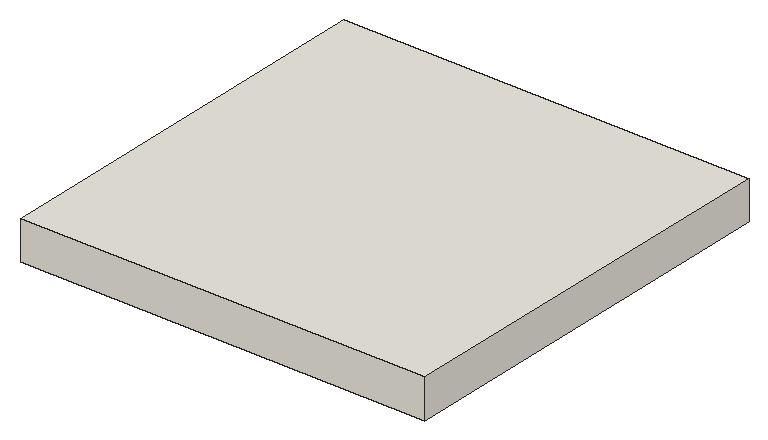
Revit family "UNIVERSAL", category Осветительные приборы, Revit 2019 (continued)
Types (12, lengths in mm): name | Файл фотометрической сетки | built-in parameter 1150105 | Lumens | built-in parameter 1150106 | built-in parameter 1150142 | Wattage | Emit from Rectangle Width | Emit from Rectangle Length | Длина | Ширина | ADSK_Ток | ADSK_Полная мощность | ADSK_Обозначение | ADSK_Номинальная мощность | ADSK_Наименование | ADSK_Код изделия
  CSVT Universal - 76/opal-sand 295x1195х55 (IP20, 4000К) | "Светильник UNIVERSAL-76 OPAL-SAND-(295x1195).ies" | 533.17 (stored number, unit not read) | 6700 lm | 5.3317 (stored number, unit not read) | "IESNA:LM-63-1995\r\n[TEST] Протокол №336/16 от 03.11.2016г. Испытательная лаборатория Государственного предприятия \"ЦСОТ НАН Беларуси\"\r\n[MORE] FFFFFFFD4E2E12BA015C1433E5FB5F4F1\r\n[DATA] 02.11.2016\r\n[MANUFAC] ЗАО \"Центрстройсвет\"\r\n[LUMCAT] Светильник UNIVERSAL-76/OPAL-SAND-(295x1195)\r\n[LUMINAIRE] офисное освещение\r\n[LAMP] \r\nTILT=NONE\r\n1    -1.0   1.000 46 181 1 2   0.295   1.195   0.055\r\n1.0  1.0   76.40\r\n0.0 2.0 4.0 6.0 8.0 10.0 12.0 14.0 16.0 18.0 20.0 22.0 24.0 26.0 28.0 30.0 32.0 34.0 36.0 38.0 40.0 42.0 44.0 46.0 48.0 50.0 52.0 54.0 56.0 58.0 60.0 62.0 64.0 66.0 68.0 70.0 72.0 74.0 76.0 78.0 80.0 82.0 84.0 86.0 88.0 90.0 \r\n0.0 2.0 4.0 6.0 8.0 10.0 12.0 14.0 16.0 18.0 20.0 22.0 24.0 26.0 28.0 30.0 32.0 34.0 36.0 38.0 40.0 42.0 44.0 46.0 48.0 50.0 52.0 54.0 56.0 58.0 60.0 62.0 64.0 66.0 68.0 70.0 72.0 74.0 76.0 78.0 80.0 82.0 84.0 86.0 88.0 90.0 92.0 94.0 96.0 98.0 100.0 102.0 104.0 106.0 108.0 110.0 112.0 114.0 116.0 118.0 120.0 122.0 124.0 126.0 128.0 130.0 132.0 134.0 136.0 138.0 140.0 142.0 144.0 146.0 148.0 150.0 152.0 154.0 156.0 158.0 160.0 162.0 164.0 166.0 168.0 170.0 172.0 174.0 176.0 178.0 180.0 182.0 184.0 186.0 188.0 190.0 192.0 194.0 196.0 198.0 200.0 202.0 204.0 206.0 208.0 210.0 212.0 214.0 216.0 218.0 220.0 222.0 224.0 226.0 228.0 230.0 232.0 234.0 236.0 238.0 240.0 242.0 244.0 246.0 248.0 250.0 252.0 254.0 256.0 258.0 260.0 262.0 264.0 266.0 268.0 270.0 272.0 274.0 276.0 278.0 280.0 282.0 284.0 286.0 288.0 290.0 292.0 294.0 296.0 298.0 300.0 302.0 304.0 306.0 308.0 310.0 312.0 314.0 316.0 318.0 320.0 322.0 324.0 326.0 328.0 330.0 332.0 334.0 336.0 338.0 340.0 342.0 344.0 346.0 348.0 350.0 352.0 354.0 356.0 358.0 360.0 \r\n2375.255 2373.676 2368.055 2357.896 2343.004 2323.969 2300.890 2273.767 2242.305 2207.982 2169.616 2127.600 2081.936 2034.594 1983.998 1930.344 1874.521 1815.739 \r\n1756.069 1693.835 1629.727 1564.435 1498.355 1430.991 1362.051 1288.671 1218.744 1147.437 1075.635 1003.933 931.343 858.950 786.557 714.460 642.462 571.548 501.719 433.469 366.994 \r\n302.788 241.638 183.645 127.723 78.015 33.238 2.268 \r\n2375.255 2373.776 2368.154 2358.093 2343.299 2324.363 2301.284 2274.260 2242.896 2208.672 2170.307 2128.488 2082.922 2035.580 1985.083 1931.429 1875.705 1816.922 \r\n1757.352 1695.117 1631.108 1565.816 1499.735 1432.373 1363.432 1290.151 1220.125 1148.719 1076.917 1005.215 932.625 860.232 787.741 715.545 643.546 572.633 502.706 434.357 367.882 \r\n303.577 242.329 184.336 128.315 78.409 33.533 2.268 \r\n2375.255 2373.776 2368.252 2358.193 2343.497 2324.658 2301.777 2274.753 2243.488 2209.264 2171.095 2129.277 2083.809 2036.566 1986.168 1932.514 1876.888 1818.205 \r\n1758.634 1696.497 1632.488 1567.196 1501.116 1433.753 1364.812 1291.630 1221.407 1150.100 1078.298 1006.497 933.908 861.416 788.924 716.729 644.632 573.718 503.692 435.343 368.770 \r\n304.366 243.019 184.927 128.808 78.902 33.829 2.367 \r\n2375.255 2373.874 2368.351 2358.389 2343.792 2324.955 2302.172 2275.345 2243.981 2209.955 2171.786 2130.165 2084.697 2037.553 1987.154 1933.698 1878.072 1819.388 \r\n1759.817 1697.780 1633.869 1568.578 1502.596 1435.232 1366.193 1293.110 1222.789 1151.480 1079.580 1007.780 935.190 862.698 790.108 717.814 645.716 574.705 504.678 436.232 369.657 \r\n305.154 243.808 185.618 129.399 79.297 34.126 2.367 \r\n2375.255 2373.874 2368.549 2358.587 2344.088 2325.349 2302.566 2275.838 2244.573 2210.645 2172.575 2130.954 2085.584 2038.441 1988.239 1934.783 1879.256 1820.671 \r\n1761.099 1699.062 1635.151 1569.959 1503.977 1436.613 1367.673 1294.589 1224.169 1152.762 1080.962 1009.062 936.472 863.881 791.291 718.997 646.802 575.789 505.764 437.218 370.545 \r\n306.042 244.499 186.308 129.892 79.692 34.421 2.367 \r\n2375.255 2373.973 2368.647 2358.784 2344.286 2325.645 2303.060 2276.331 2245.165 2211.237 2173.265 2131.743 2086.571 2039.427 1989.324 1935.867 1880.340 1821.853 \r\n1762.381 1700.443 1636.532 1571.339 1505.357 1437.995 1369.054 1296.168 1225.550 1154.143 1082.244 1010.344 937.754 865.163 792.475 720.181 647.985 576.875 506.750 438.105 371.432 \r\n306.831 245.189 186.900 130.386 80.086 34.717 2.367 \r\n2375.255 2374.071 2368.745 2358.882 2344.581 2326.040 2303.454 2276.824 2245.757 2211.928 2174.054 2132.631 2087.459 2040.413 1990.311 1937.051 1881.524 1823.136 \r\n1763.663 1701.726 1637.912 1572.720 1506.738 1439.474 1370.434 1297.647 1226.931 1155.525 1083.625 1011.725 938.937 866.347 793.658 721.266 649.070 577.861 507.736 439.091 372.320 \r\n307.620 245.978 187.590 130.978 80.579 35.013 2.466 \r\n2375.255 2374.071 2368.844 2359.080 2344.779 2326.335 2303.848 2277.317 2246.348 2212.617 2174.745 2133.420 2088.347 2041.399 1991.395 1938.136 1882.708 1824.418 \r\n1764.945 1703.106 1639.195 1574.100 1508.118 1440.854 1371.815 1299.127 1228.311 1156.806 1084.907 1013.007 940.219 867.531 794.842 722.449 650.155 578.945 508.723 439.979 373.109 \r\n308.409 246.669 188.182 131.471 80.974 35.308 2.466 \r\n2375.255 2374.170 2368.942 2359.277 2345.074 2326.730 2304.242 2277.810 2246.940 2213.209 2175.534 2134.307 2089.333 2042.386 1992.480 1939.221 1883.890 1825.602 \r\n1766.129 1704.388 1640.576 1575.482 1509.598 1442.235 1373.195 1300.606 1229.692 1158.187 1086.287 1014.289 941.501 868.813 796.026 723.534 651.240 579.932 509.709 440.965 373.997 \r\n309.199 247.457 188.872 131.964 81.368 35.605 2.466 \r\n2375.255 2374.170 2369.042 2359.475 2345.272 2327.026 2304.735 2278.304 2247.532 2213.900 2176.224 2135.096 2090.220 2043.274 1993.466 1940.405 1885.074 1826.884 \r\n1767.411 1705.671 1641.957 1576.863 1510.979 1443.715 1374.676 1302.085 1231.073 1159.568 1087.570 1015.571 942.784 869.996 797.209 724.717 652.325 581.016 510.695 441.852 374.884 \r\n310.086 248.148 189.464 132.556 81.762 35.802 2.564 \r\n2375.255 2374.269 2369.140 2359.672 2345.568 2327.322 2305.130 2278.797 2248.124 2214.590 2177.013 2135.885 2091.108 2044.260 1994.551 1941.489 1886.258 1828.068 \r\n1768.694 1707.051 1643.338 1578.243 1512.360 1445.095 1376.056 1303.663 1232.356 1160.850 1088.950 1016.853 944.066 871.278 798.392 725.901 653.409 582.102 511.681 442.839 375.772 \r\n310.875 248.839 190.154 133.049 82.256 36.098 2.564 \r\n2375.255 2374.269 2369.238 2359.770 2345.765 2327.716 2305.525 2279.290 2248.715 2215.182 2177.704 2136.772 2091.996 2045.246 1995.538 1942.575 1887.442 1829.350 \r\n1769.976 1708.333 1644.620 1579.624 1513.740 1446.476 1377.437 1305.142 1233.736 1162.231 1090.232 1018.136 945.348 872.462 799.576 726.986 654.495 583.088 512.668 443.727 376.660 \r\n311.664 249.627 190.747 133.641 82.651 36.394 2.564 \r\n2375.255 2374.367 2369.337 2359.968 2346.061 2328.012 2306.018 2279.783 2249.307 2215.873 2178.492 2137.562 2092.982 2046.233 1996.622 1943.758 1888.526 1830.533 \r\n1771.258 1709.714 1646.000 1581.004 1515.121 1447.956 1378.817 1306.622 1235.117 1163.611 1091.613 1019.418 946.532 873.744 800.760 728.169 655.678 584.173 513.654 444.713 377.547 \r\n312.453 250.318 191.436 134.134 83.044 36.690 2.564 \r\n2375.255 2374.466 2369.436 2360.165 2346.258 2328.407 2306.412 2280.276 2249.899 2216.562 2179.183 2138.449 2093.869 2047.120 1997.708 1944.843 1889.710 1831.815 \r\n1772.442 1710.996 1647.381 1582.385 1516.601 1449.337 1380.297 1308.101 1236.497 1164.894 1092.895 1020.798 947.814 874.928 801.943 729.254 656.763 585.258 514.640 445.601 378.435 \r\n313.242 251.107 192.029 134.627 83.439 36.985 2.663 \r\n2375.255 2374.466 2369.535 2360.362 2346.554 2328.703 2306.807 2280.769 2250.490 2217.155 2179.972 2139.238 2094.757 2048.106 1998.694 1945.927 1890.894 1832.999 \r\n1773.723 1712.278 1648.762 1583.767 1517.981 1450.717 1381.678 1309.581 1237.878 1166.274 1094.276 1022.081 949.096 876.210 803.126 730.438 657.847 586.244 515.627 446.587 379.322 \r\n314.130 251.797 192.719 135.219 83.833 37.281 2.663 \r\n2375.255 2374.564 2369.633 2360.461 2346.850 2328.998 2307.201 2281.362 2251.083 2217.845 2180.662 2140.028 2095.744 2049.092 1999.779 1947.013 1892.077 1834.281 \r\n1775.005 1713.659 1650.044 1585.147 1519.362 1452.196 1383.059 1311.060 1239.260 1167.655 1095.558 1023.363 950.378 877.393 804.409 731.523 658.933 587.329 516.711 447.574 380.112 \r\n314.919 252.487 193.311 135.712 84.326 37.578 2.663 \r\n2375.255 2374.564 2369.731 2360.658 2347.047 2329.393 2307.694 2281.855 2251.674 2218.535 2181.451 2140.915 2096.631 2050.078 2000.863 1948.197 1893.260 1835.563 \r\n1776.287 1714.941 1651.425 1586.528 1520.743 1453.578 1384.439 1312.639 1240.640 1168.937 1096.939 1024.645 951.661 878.577 805.592 732.706 660.017 588.414 517.697 448.461 380.999 \r\n315.708 253.277 194.001 136.304 84.721 37.873 2.663 \r\n2375.255 2374.663 2369.831 2360.855 2347.343 2329.689 2308.089 2282.348 2252.266 2219.127 2182.142 2141.704 2097.519 2050.967 2001.849 1949.281 1894.444 1836.747 \r\n1777.570 1716.322 1652.806 1587.908 1522.124 1454.959 1385.919 1314.118 1242.021 1170.319 1098.320 1025.927 952.943 879.859 806.776 733.890 661.103 589.401 518.684 449.447 381.887 \r\n316.497 253.966 194.593 136.797 85.116 38.169 2.761 \r\n2375.255 2374.663 2369.929 2361.052 2347.540 2330.083 2308.484 2282.841 2252.858 2219.818 2182.931 2142.493 2098.407 2051.953 2002.935 1950.366 1895.627 1838.029 \r\n1778.753 1717.604 1654.088 1589.289 1523.603 1456.339 1387.300 1315.597 1243.303 1171.699 1099.602 1027.209 954.126 881.043 807.959 734.975 662.287 590.485 519.670 450.335 382.774 \r\n317.285 254.657 195.283 137.290 85.510 38.366 2.761 \r\n2375.255 2374.762 2370.028 2361.250 2347.836 2330.380 2308.977 2283.334 2253.449 2220.507 2183.720 2143.381 2099.393 2052.939 2004.019 1951.549 1896.811 1839.212 \r\n1780.036 1718.886 1655.469 1590.671 1524.984 1457.818 1388.680 1317.077 1244.684 1172.981 1100.983 1028.492 955.408 882.325 809.143 736.159 663.371 591.570 520.656 451.321 383.662 \r\n318.075 255.446 195.874 137.882 86.003 38.662 2.761 \r\n2375.255 2374.860 2370.224 2361.348 2348.033 2330.773 2309.371 2283.827 2254.042 2221.100 2184.410 2144.169 2100.280 2053.925 2005.006 1952.635 1897.896 1840.494 \r\n1781.318 1720.267 1656.849 1592.051 1526.365 1459.199 1390.061 1318.556 1246.064 1174.362 1102.265 1029.872 956.690 883.509 810.327 737.243 664.456 592.556 521.642 452.208 384.550 \r\n318.962 256.136 196.565 138.375 86.398 38.958 2.861 \r\n2375.255 2374.860 2370.324 2361.545 2348.329 2331.069 2309.766 2284.320 2254.633 2221.790 2185.199 2145.057 2101.168 2054.912 2006.091 1953.719 1899.079 1841.678 \r\n1782.600 1721.549 1658.230 1593.432 1527.745 1460.580 1391.442 1320.134 1247.445 1175.743 1103.646 1031.154 957.972 884.790 811.511 738.427 665.541 593.641 522.629 453.195 385.437 \r\n319.751 256.925 197.157 138.868 86.792 39.253 2.861 \r\n2375.255 2374.959 2370.422 2361.743 2348.526 2331.366 2310.160 2284.814 2255.224 2222.480 2185.890 2145.846 2102.155 2055.800 2007.077 1954.903 1900.263 1842.960 \r\n1783.882 1722.930 1659.512 1594.812 1529.127 1462.059 1392.922 1321.613 1248.826 1177.123 1104.928 1032.437 959.254 885.974 812.693 739.611 666.626 594.726 523.615 454.083 386.325 \r\n320.541 257.616 197.847 139.459 87.187 39.550 2.861 \r\n2375.255 2374.959 2370.521 2361.940 2348.822 2331.760 2310.653 2285.307 2255.817 2223.072 2186.678 2146.635 2103.042 2056.786 2008.162 1955.988 1901.447 1844.242 \r\n1785.066 1724.212 1660.893 1596.193 1530.606 1463.440 1394.302 1323.093 1250.207 1178.405 1106.309 1033.719 960.537 887.158 813.877 740.695 667.711 595.712 524.601 455.069 387.213 \r\n321.330 258.306 198.439 139.953 87.680 39.846 2.861 \r\n2375.255 2375.058 2370.619 2362.138 2349.020 2332.055 2311.048 2285.800 2256.408 2223.763 2187.369 2147.523 2103.930 2057.772 2009.246 1957.073 1902.631 1845.426 \r\n1786.348 1725.494 1662.274 1597.574 1531.986 1464.821 1395.683 1324.572 1251.588 1179.786 1107.591 1035.001 961.721 888.440 815.061 741.879 668.796 596.798 525.587 455.957 388.002 \r\n322.118 259.095 199.130 140.545 88.075 40.142 2.959 \r\n2375.255 2375.058 2370.718 2362.236 2349.315 2332.450 2311.443 2286.293 2257.000 2224.452 2188.158 2148.312 2104.818 2058.758 2010.233 1958.256 1903.813 1846.708 \r\n1787.630 1726.875 1663.655 1598.955 1533.367 1466.301 1397.063 1326.052 1252.968 1181.168 1108.971 1036.283 963.003 889.624 816.244 742.964 669.979 597.882 526.574 456.943 388.889 \r\n323.007 259.786 199.721 141.038 88.469 40.437 2.959 \r\n2375.255 2375.156 2370.817 2362.433 2349.612 2332.746 2311.936 2286.786 2257.592 2225.045 2188.848 2149.200 2105.804 2059.646 2011.318 1959.341 1904.997 1847.891 \r\n1788.912 1728.157 1664.937 1600.336 1534.749 1467.681 1398.543 1327.629 1254.250 1182.450 1110.254 1037.566 964.285 890.906 817.428 744.147 671.064 598.868 527.659 457.830 389.777 \r\n323.795 260.575 200.412 141.531 88.864 40.733 2.959 \r\n2375.255 2375.255 2370.915 2362.631 2349.808 2333.042 2312.330 2287.377 2258.183 2225.735 2189.637 2149.989 2106.691 2060.632 2012.403 1960.426 1906.083 1849.173 \r\n1790.194 1729.539 1666.318 1601.717 1536.129 1469.062 1399.924 1329.109 1255.631 1183.830 1111.634 1038.848 965.567 892.089 818.611 745.232 672.149 599.953 528.646 458.817 390.664 \r\n324.584 261.265 201.003 142.123 89.357 40.930 2.959 \r\n2375.255 2375.255 2371.014 2362.827 2350.105 2333.437 2312.725 2287.871 2258.776 2226.425 2190.328 2150.778 2107.579 2061.618 2013.389 1961.610 1907.265 1850.357 \r\n1791.378 1730.821 1667.698 1603.097 1537.608 1470.542 1401.305 1330.588 1257.012 1185.211 1112.917 1040.228 966.849 893.371 819.795 746.416 673.234 601.038 529.632 459.705 391.553 \r\n325.373 261.956 201.694 142.616 89.751 41.226 3.057 \r\n2375.255 2375.353 2371.112 2362.927 2350.301 2333.732 2313.119 2288.364 2259.367 2227.017 2191.117 2151.666 2108.565 2062.604 2014.474 1962.694 1908.449 1851.639 \r\n1792.660 1732.103 1668.981 1604.478 1538.989 1471.922 1402.685 1332.067 1258.393 1186.493 1114.297 1041.511 968.132 894.555 820.978 747.599 674.318 602.025 530.618 460.691 392.441 \r\n326.163 262.745 202.285 143.208 90.146 41.523 3.057 \r\n2375.255 2375.353 2371.211 2363.124 2350.598 2334.127 2313.612 2288.857 2259.959 2227.708 2191.807 2152.454 2109.452 2063.492 2015.461 1963.780 1909.633 1852.922 \r\n1793.942 1733.484 1670.361 1605.859 1540.370 1473.303 1404.165 1333.547 1259.774 1187.874 1115.579 1042.793 969.314 895.837 822.162 748.684 675.404 603.109 531.604 461.578 393.328 \r\n327.050 263.435 202.976 143.701 90.541 41.818 3.057 \r\n2375.255 2375.452 2371.310 2363.321 2350.795 2334.423 2314.007 2289.350 2260.452 2228.398 2192.596 2153.342 2110.340 2064.479 2016.545 1964.963 1910.816 1854.105 \r\n1795.224 1734.766 1671.742 1607.240 1541.751 1474.782 1405.546 1335.026 1261.154 1189.255 1116.961 1044.075 970.597 897.021 823.346 749.867 676.488 604.195 532.591 462.564 394.216 \r\n327.839 264.126 203.568 144.194 91.034 42.114 3.156 \r\n2375.255 2375.551 2371.408 2363.518 2351.091 2334.818 2314.402 2289.843 2261.044 2228.990 2193.287 2154.131 2111.228 2065.465 2017.631 1966.048 1912.000 1855.388 \r\n1796.507 1736.146 1673.123 1608.621 1543.132 1476.164 1406.926 1336.605 1262.535 1190.537 1118.243 1045.357 971.879 898.204 824.628 750.953 677.672 605.181 533.577 463.452 395.103 \r\n328.628 264.915 204.258 144.786 91.428 42.410 3.156 \r\n2375.255 2375.551 2371.507 2363.715 2351.288 2335.113 2314.895 2290.336 2261.635 2229.680 2194.075 2154.920 2112.215 2066.451 2018.617 1967.132 1913.183 1856.570 \r\n1797.690 1737.429 1674.406 1610.001 1544.611 1477.544 1408.307 1338.084 1263.916 1191.917 1119.624 1046.639 973.161 899.486 825.812 752.136 678.757 606.265 534.563 464.439 395.893 \r\n329.417 265.605 204.850 145.279 91.823 42.705 3.156 \r\n2375.255 2375.649 2371.606 2363.814 2351.584 2335.409 2315.289 2290.829 2262.227 2230.370 2194.766 2155.808 2113.102 2067.437 2019.701 1968.316 1914.268 1857.853 \r\n1798.973 1738.809 1675.786 1611.382 1545.992 1479.023 1409.688 1339.564 1265.198 1193.299 1120.906 1047.921 974.443 900.670 826.994 753.319 679.842 607.350 535.549
